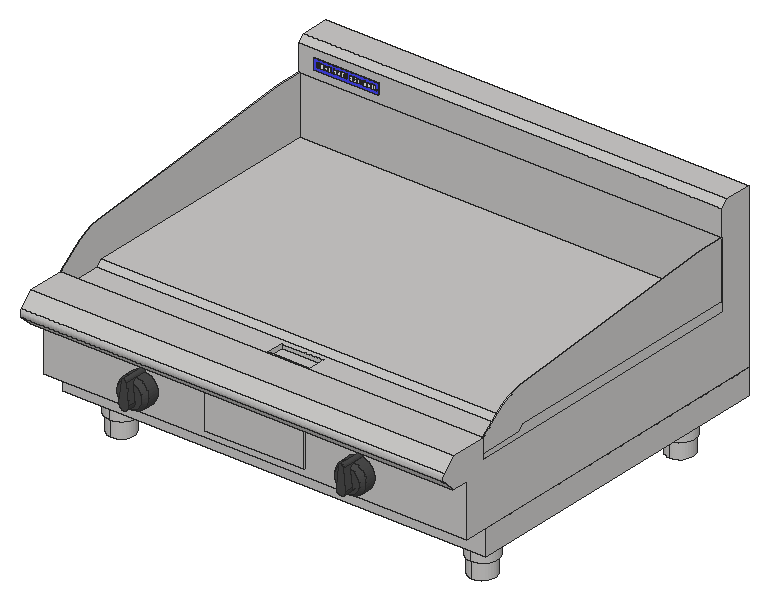
Revit family "QF_MOFFAT_BLUESEAL_CE_EP516-B", category Specialty Equipment, Revit 2012
Parameters
  Width [instance] = 900 mm  # constant formula
  Weight in Pounds = 275  # constant formula
  Watts = 12000 W
  Volts = 400 V
  URL Cutsheet = "www.moffat.com"
  URL = "www.moffat.com"
  Type Mark [instance] = ""
  Status [instance] = ""
  Specification by User [instance] = ""
  Specification by Manufacturer = ""
  Show Logo [instance] = yes
  Serial Number = ""
  Seismic Rating = ""
  SMACNA No = ""
  Revision Code [instance] = ""
  Phase = 3
  Omniclass Number and Title = ""
  Number of Poles = 1
  NAFEM Spec ID Number = ""
  Model = "EP516-B"
  Min Ckt Ampacity = 0 A
  Max Overcurrent Protection = 0 A
  Masterspec = ""
  Manufacturer = "MOFFAT BLUESEAL"
  Item Number [instance] = ""
  Installed By [instance] = ""
  Identify Quantity as Lot [instance] = yes
  Height [instance] = 370 mm  # constant formula
  HP = ""
  Furnished By [instance] = ""
  Foodservice Equipment Identifier [instance] = yes
  FL Amps = 30 A
  Electrical Remarks [instance] = "16.6A PER PHASE"
  Elec Conn RI Height = 0 mm
  Elec Conn Connection Height = 0 mm
  Description = "900MM ELECTRIC GRIDDLE PLATE BENCH MOUNT"
  Depth [instance] = 812 mm  # constant formula
  Cycle = 50 Hz
  Conn Plug = ""
  Conn Conduit = yes
  CSI MasterFormat = ""
  CSI Master Format = ""
  Base Height [instance] = 85 mm
  Apparent Power = if(Phase = 3, Volts * FL Amps * 1.73, Volts * FL Amps)  # 20760 VA
Reference planes
  plane 1 "BACK": y = 0
  plane 2: z = 0
  plane 3 "LEFT": x = 0
  plane 4 "RIGHT": x = 900
  plane 5 "FRONT": y = -812
  plane 6 "TOP": z = 375
  plane 7 "Center Y": x = 450
  plane 8 "Center X": y = -406
  plane 9 "Base Height": z = 85
  plane 10: z = 485
  plane 11: y = -100
  plane 12: y = -625
Forms (mm)
  Extrusion 1, solid, material "QF_Finishes_Stainless Steel"
    sketch origin (0, 0, 0) x (0, 1, 0) y (0, 0, 1)
      loop
        line (0, 140) -> (0, 485) -> (-57.5, 485) -> (-70, 472.5) -> (-70, 275) -> (-705, 275) -> (-705, 315) -> (-783.97, 315) -> (-808.485, 290.485)
        arc (-808.485, 290.485) -> (-811.999, 282) -> (-808.485, 273.515) r 12
        line (-808.485, 273.515) -> (-784.97, 250) -> (-749, 250) -> (-749, 140) -> (0, 140)
      loop
        line (0, 85) -> (0, 139) -> (-699, 139) -> (-699, 85) -> (0, 85)
    from 0 to 900
  Revolve 2, solid, material "QF_Finishes_Stainless Steel"
    sketch origin (65.5, -210, 0) x (0, 1, 0) y (0, 0, 1)
      loop
        line (78.25, 85) -> (78.25, 35) -> (82.5, 35) -> (82.5, 0) -> (110, 0) -> (110, 85) -> (78.25, 85)
      axis (110, 85) -> (110, 0)
    angle from 0 to 360
  Extrusion 3, void
    sketch origin (0, -706, 134.206) x (0, 1, 0) y (-1, 0, 0)
      loop
        circle (674, -770) r 13.5
    from 0 to -86.704
  Revolve 4, solid, material "QF_Finishes_Black"
    sketch origin (217.606, 7, -7.199) x (0, 1, 0) y (0, 0, -1)
      loop
        line (-789, -234.5) -> (-766, -234.5) -> (-766, -207) -> (-756, -207) -> (-756, -202) -> (-800, -202) -> (-800, -228.651) -> (-789, -234.5)
      axis (-800, -202) -> (-756, -202)
    angle from 0 to 360
  Extrusion 5, solid, material "QF_Finishes_Black"
    sketch origin (205.878, 0, -7.042) x (-1, 0, 0) y (0, 0, -1)
      loop
        line (-22.044, -191.036) -> (-16.624, -233.955)
        arc (-16.624, -233.955) -> (-11.625, -238.842) -> (-6.626, -233.955) r 5
        line (-6.626, -233.955) -> (-1.137, -189.869)
        arc (-1.137, -189.869) -> (-12.209, -179.37) -> (-22.044, -191.036) r 10.487
    from 759 to 808
  Revolve 6, solid, material "QF_Finishes_Stainless Steel"
    sketch origin (65.5, -728, 0) x (0, 1, 0) y (0, 0, 1)
      loop
        line (71.25, 85) -> (71.25, 35) -> (75.5, 35) -> (75.5, 0) -> (103, 0) -> (103, 85) -> (71.25, 85)
      axis (103, 85) -> (103, 0)
    angle from 0 to 360
  Extrusion 7, solid, material "QF_Finishes_Stainless Steel"
    sketch origin (0, -749, 266) x (0, 0, -1) y (1, 0, 0)
      loop
        line (25.201, 345) -> (112.1, 345) -> (112.1, 555) -> (25.201, 555) -> (25.201, 345)
    from 0 to 2.5
  Extrusion 8, solid, material "QF_Finishes_Stainless Steel"
    sketch origin (0, -751.5, 266) x (0, 0, -1) y (1, 0, 0)
      loop
        line (32.201, 555) -> (25.201, 555) -> (25.201, 345) -> (32.201, 345) -> (32.201, 555)
    from 0 to 5
  Extrusion 9, solid, material "QF_Finishes_Stainless Steel"
    sketch origin (0, -706, 134.206) x (0, 1, 0) y (-1, 0, 0)
      loop
        circle (673.862, -769.75) r 6.35
    from 0 to -24.206
  Revolve 10, solid, material "QF_Finishes_Black"
    sketch origin (680.116, 7, -7.2) x (0, 1, 0) y (0, 0, -1)
      loop
        line (-789, -234.5) -> (-766, -234.5) -> (-766, -207) -> (-756, -207) -> (-756, -202) -> (-800, -202) -> (-800, -228.651) -> (-789, -234.5)
      axis (-800, -202) -> (-756, -202)
    angle from 0 to 360
  Extrusion 11, solid, material "QF_Finishes_Black"
    sketch origin (668.389, 0, -7.042) x (-1, 0, 0) y (0, 0, -1)
      loop
        line (-22.044, -191.036) -> (-16.624, -233.955)
        arc (-16.624, -233.955) -> (-11.625, -238.842) -> (-6.626, -233.955) r 5
        line (-6.626, -233.955) -> (-1.137, -189.869)
        arc (-1.137, -189.869) -> (-12.209, -179.37) -> (-22.044, -191.036) r 10.487
    from 759 to 808
  Revolve 12, solid, material "QF_Finishes_Stainless Steel"
    sketch origin (834.5, -210, 0) x (0, 1, 0) y (0, 0, -1)
      loop
        line (78.25, -85) -> (110, -85) -> (110, 0) -> (82.5, 0) -> (82.5, -35) -> (78.25, -35) -> (78.25, -85)
      axis (110, -85) -> (110, 0)
    angle from 0 to 360
  Revolve 13, solid, material "QF_Finishes_Stainless Steel"
    sketch origin (834.5, -728, 0) x (0, 1, 0) y (0, 0, -1)
      loop
        line (71.25, -85) -> (103, -85) -> (103, 0) -> (75.5, 0) -> (75.5, -35) -> (71.25, -35) -> (71.25, -85)
      axis (103, -85) -> (103, 0)
    angle from 0 to 360
Cuts and joins
  joined: Revolve 4, Extrusion 5
  joined: Extrusion 7, Extrusion 8
  Extrusion 3 cuts Extrusion 1
Lines and regions (mm)
  Split face 1
    outline origin (900, -749, 250) x (-1, 0, 0) y (0, 0, -1)
      loop
        circle (637.495, 45.2) r 7.15
  Split face 2
    outline origin (900, -749, 250) x (-1, 0, 0) y (0, 0, -1)
      loop
        circle (637.495, 25.2) r 7.15
  Split face 3
    outline origin (495, -751.5, 153.9) x (1, 0, 0) y (0, 0, 1)
      loop
        arc (-52, 77) -> (-56, 73) -> (-52, 69) r 4
        line (-52, 69) -> (-38, 69)
        arc (-38, 69) -> (-34, 73) -> (-38, 77) r 4
        line (-38, 77) -> (-52, 77)
  Split face 4
    outline origin (900, 0, 485) x (-1, 0, 0) y (0, -1, 0)
      loop
        arc (624, 45.385) -> (615.34, 40.385) -> (615.34, 30.385) r 10
        line (615.34, 30.385) -> (619.381, 23.385)
        arc (619.381, 23.385) -> (623.041, 19.725) -> (628.041, 18.385) r 10
        line (628.041, 18.385) -> (856, 18.385)
        arc (856, 18.385) -> (864.66, 23.385) -> (864.66, 33.385) r 10
        line (864.66, 33.385) -> (860.619, 40.385)
        arc (860.619, 40.385) -> (856.959, 44.045) -> (851.959, 45.385) r 10
        line (851.959, 45.385) -> (624, 45.385)
  Split face 5
    outline origin (900, 0, 485) x (-1, 0, 0) y (0, -1, 0)
      loop
        arc (266, 18.385) -> (274.66, 23.385) -> (274.66, 33.385) r 10
        line (274.66, 33.385) -> (270.619, 40.385)
        arc (270.619, 40.385) -> (266.959, 44.045) -> (261.959, 45.385) r 10
        line (261.959, 45.385) -> (34, 45.385)
        arc (34, 45.385) -> (25.34, 40.385) -> (25.34, 30.385) r 10
        line (25.34, 30.385) -> (29.381, 23.385)
        arc (29.381, 23.385) -> (33.041, 19.725) -> (38.041, 18.385) r 10
        line (38.041, 18.385) -> (266, 18.385)
  Split face 6
    outline origin (900, -749, 250) x (-1, 0, 0) y (0, 0, -1)
      loop
        circle (174.879, 45.2) r 7.15
  Split face 7
    outline origin (900, -749, 250) x (-1, 0, 0) y (0, 0, -1)
      loop
        circle (174.879, 25.2) r 7.15
  Split face 8
    outline origin (900, 0, 485) x (-1, 0, 0) y (0, -1, 0)
      loop
        line (336.021, 18.385) -> (563.979, 18.385)
        arc (563.979, 18.385) -> (572.64, 23.385) -> (572.64, 33.385) r 10
        line (572.64, 33.385) -> (568.598, 40.385)
        arc (568.598, 40.385) -> (564.938, 44.045) -> (559.938, 45.385) r 10
        line (559.938, 45.385) -> (331.979, 45.385)
        arc (331.979, 45.385) -> (323.319, 40.385) -> (323.319, 30.385) r 10
        line (323.319, 30.385) -> (327.36, 23.385)
        arc (327.36, 23.385) -> (331.021, 19.725) -> (336.021, 18.385) r 10
  symbolic lines
    curve 1: line (0, -812, 0) -> (900, -812, 0)
    curve 2: line (0, 0, 0) -> (0, -812, 0)
    curve 3: line (900, 0, 0) -> (0, 0, 0)
    curve 4: line (0, -70, 0) -> (900, -70, 0)
    curve 5: line (900, -712, 0) -> (0, -712, 0)
    curve 6: line (900, -812, 0) -> (900, 0, 0)
    curve 7: line (0, -57.5, 0) -> (900, -57.5, 0)
    curve 8: line (276, -45.385, 0) -> (48.041, -45.385, 0)
    curve 9: arc (48.041, -45.385, 0) -> (43.041, -44.045, 0) -> (39.381, -40.385, 0) r 10
    curve 10: line (39.381, -40.385, 0) -> (35.34, -33.385, 0)
    curve 11: arc (35.34, -33.385, 0) -> (35.34, -23.385, 0) -> (44, -18.385, 0) r 10
    curve 12: line (44, -18.385, 0) -> (271.959, -18.385, 0)
    curve 13: arc (271.959, -18.385, 0) -> (276.959, -19.725, 0) -> (280.619, -23.385, 0) r 10
    curve 14: line (280.619, -23.385, 0) -> (284.66, -30.385, 0)
    curve 15: arc (284.66, -30.385, 0) -> (284.66, -40.385, 0) -> (276, -45.385, 0) r 10
    curve 16: line (568.021, -45.385, 0) -> (340.062, -45.385, 0)
    curve 17: arc (340.062, -45.385, 0) -> (335.062, -44.045, 0) -> (331.402, -40.385, 0) r 10
    curve 18: line (331.402, -40.385, 0) -> (327.36, -33.385, 0)
    curve 19: arc (327.36, -33.385, 0) -> (327.36, -23.385, 0) -> (336.021, -18.385, 0) r 10
    curve 20: line (336.021, -18.385, 0) -> (563.979, -18.385, 0)
    curve 21: arc (563.979, -18.385, 0) -> (568.979, -19.725, 0) -> (572.64, -23.385, 0) r 10
    curve 22: line (572.64, -23.385, 0) -> (576.681, -30.385, 0)
    curve 23: arc (576.681, -30.385, 0) -> (576.681, -40.385, 0) -> (568.021, -45.385, 0) r 10
    curve 24: line (866, -45.385, 0) -> (638.041, -45.385, 0)
    curve 25: arc (638.041, -45.385, 0) -> (633.041, -44.045, 0) -> (629.381, -40.385, 0) r 10
    curve 26: line (629.381, -40.385, 0) -> (625.34, -33.385, 0)
    curve 27: arc (625.34, -33.385, 0) -> (625.34, -23.385, 0) -> (634, -18.385, 0) r 10
    curve 28: line (634, -18.385, 0) -> (861.959, -18.385, 0)
    curve 29: arc (861.959, -18.385, 0) -> (866.959, -19.725, 0) -> (870.619, -23.385, 0) r 10
    curve 30: line (870.619, -23.385, 0) -> (874.66, -30.385, 0)
    curve 31: arc (874.66, -30.385, 0) -> (874.66, -40.385, 0) -> (866, -45.385, 0) r 10
    curve 32: line (0, -783.97, 0) -> (900, -783.97, 0)
Dimensions and locks
  equal spacing: plane 3 "LEFT", plane 7 "Center Y", plane 4 "RIGHT"
  "Width": plane 3 "LEFT" to plane 4 "RIGHT"
  equal spacing: plane 5 "FRONT", plane 8 "Center X", plane 1 "BACK"
  "Depth": plane 5 "FRONT" to plane 1 "BACK"
  "Base Height": plane 9 "Base Height" to level
  locked: plane 6 "TOP" to plane 9 "Base Height" at 290
  plane 6 "TOP" to level = 375 mm
  plane 10 to plane 2 = 485 mm  (x2)
  aligned and locked: level to plane 2
  aligned and locked: Revolve 2 sketch curve to plane 9 "Base Height"
Automatic sketch dimensions
  curve 1 to plane 3 "LEFT" = 0 mm
  curve 5 to plane 4 "RIGHT" = 0 mm
  plane 5 "FRONT" to curve 1 = 0 mm
  plane 1 "BACK" to curve 6 = 0 mm
  curve 5 to plane 12 = 87 mm
  plane 11 to curve 4 = 30 mm
  curve 4 to curve 7 = 12.5 mm
  Extrusion 1 sketch curve to plane 9 "Base Height" = 0 mm
  Extrusion 1 sketch curve to plane 10 = 0 mm
  Extrusion 1 sketch curve to plane 1 "BACK" = 0 mm  (x2)
  plane 11 to Extrusion 1 sketch curve = 42.5 mm
  Extrusion 1 sketch curve to Extrusion 1 sketch curve = 12.5 mm
  Extrusion 1 sketch curve to plane 12 = 74 mm
  Extrusion 1 sketch curve to plane 12 = 80 mm
  Extrusion 1 sketch curve to Extrusion 1 sketch curve = 50 mm
  Extrusion 1 sketch curve to plane 5 "FRONT" = 28.03 mm
  Extrusion 1 sketch curve to plane 5 "FRONT" = 27.03 mm
  Extrusion 1 sketch curve to plane 5 "FRONT" = 12.001 mm
  Extrusion 1 sketch curve to plane 5 "FRONT" = 3.515 mm  (x2)
  plane 9 "Base Height" to Extrusion 1 sketch curve = 54 mm
  Extrusion 1 sketch curve to Extrusion 1 sketch curve = 1 mm
  Extrusion 1 sketch curve to Extrusion 1 sketch curve = 110 mm
  Extrusion 1 sketch curve to Extrusion 1 sketch curve = 23.515 mm
  Extrusion 1 sketch curve to plane 6 "TOP" = 100 mm
  Extrusion 1 sketch curve to Extrusion 1 sketch curve = 8.485 mm
  Extrusion 1 sketch curve to Extrusion 1 sketch curve = 40 mm
  Extrusion 1 sketch curve to plane 10 = 12.5 mm
  Revolve 2 sketch curve to level = 0 mm
  Revolve 2 sketch curve to plane 11 = 0 mm  (x2)
  Revolve 2 sketch curve to Revolve 2 sketch curve = 27.5 mm
  Revolve 2 sketch curve to Revolve 2 sketch curve = 31.75 mm
  Revolve 2 sketch curve to Revolve 2 sketch curve = 55 mm
  level to Revolve 2 sketch curve = 35 mm
  Revolve 2 sketch curve to plane 9 "Base Height" = 30 mm
  plane 1 "BACK" to Extrusion 3 sketch curve = 32 mm
  plane 4 "RIGHT" to Extrusion 3 sketch curve = 130 mm
  Revolve 4 sketch curve to plane 5 "FRONT" = 19 mm
  Revolve 4 sketch curve to Revolve 4 sketch curve = 0 mm  (x2)
  Revolve 4 sketch curve to Revolve 4 sketch curve = 11 mm
  Revolve 4 sketch curve to Revolve 4 sketch curve = 12.7 mm
  Revolve 4 sketch curve to Revolve 4 sketch curve = 23 mm
  Revolve 4 sketch curve to Revolve 4 sketch curve = 10 mm
  plane 9 "Base Height" to Revolve 4 sketch curve = 142.301 mm
  Revolve 4 sketch curve to Revolve 4 sketch curve = 5.849 mm
  Revolve 4 sketch curve to Revolve 4 sketch curve = 27.5 mm
  Revolve 4 sketch curve to Revolve 4 sketch curve = 5 mm
  plane 9 "Base Height" to Extrusion 5 sketch curve = 98.995 mm
  Extrusion 5 sketch curve to plane 7 "Center Y" = 222.078 mm
  Extrusion 5 sketch curve to Extrusion 5 sketch curve = 5.421 mm
  Extrusion 5 sketch curve to Extrusion 5 sketch curve = 10.419 mm
  Extrusion 5 sketch curve to Extrusion 5 sketch curve = 4.999 mm  (x2)
  plane 9 "Base Height" to Extrusion 5 sketch curve = 141.913 mm
  Extrusion 5 sketch curve to Extrusion 5 sketch curve = 10.487 mm
  Extrusion 5 sketch curve to Extrusion 5 sketch curve = 0.113 mm
  Extrusion 5 sketch curve to Extrusion 5 sketch curve = 1.167 mm
  Revolve 6 sketch curve to plane 9 "Base Height" = 0 mm
  Revolve 6 sketch curve to level = 0 mm
  Revolve 6 sketch curve to plane 12 = 0 mm  (x2)
  Revolve 6 sketch curve to Revolve 6 sketch curve = 27.5 mm
  Revolve 6 sketch curve to Revolve 6 sketch curve = 31.75 mm
  Revolve 6 sketch curve to Revolve 6 sketch curve = 55 mm
  level to Revolve 6 sketch curve = 35 mm
  Revolve 6 sketch curve to Revolve 6 sketch curve = 30 mm
  Extrusion 7 sketch curve to plane 6 "TOP" = 134.201 mm
  plane 9 "Base Height" to Extrusion 7 sketch curve = 68.9 mm
  Extrusion 7 sketch curve to plane 7 "Center Y" = 105 mm
  plane 7 "Center Y" to Extrusion 7 sketch curve = 105 mm
  Extrusion 8 sketch curve to Extrusion 7 = 0 mm  (x2)
  Extrusion 7 to Extrusion 8 sketch curve = 0 mm
  Extrusion 8 sketch curve to Extrusion 8 sketch curve = 7 mm
  plane 1 "BACK" to Extrusion 9 sketch curve = 32.138 mm
  plane 4 "RIGHT" to Extrusion 9 sketch curve = 130.25 mm
  cut or joined group of Extrusion 1, Extrusion 3 to Split face 1 sketch curve = 45.2 mm
  Split face 1 sketch curve to cut or joined group of Extrusion 1, Extrusion 3 = 262.505 mm
  cut or joined group of Extrusion 1, Extrusion 3 to Split face 2 sketch curve = 25.2 mm
  Split face 2 sketch curve to cut or joined group of Extrusion 1, Extrusion 3 = 262.505 mm
  cut or joined group of Extrusion 7, Extrusion 8 to Split face 3 sketch curve = 6.899 mm
  Split face 3 sketch curve to cut or joined group of Extrusion 7, Extrusion 8 = 98 mm
  Split face 3 sketch curve to Split face 3 sketch curve = 14 mm
  Split face 3 sketch curve to Split face 3 sketch curve = 4 mm
  Split face 4 sketch curve to cut or joined group of Extrusion 1, Extrusion 3 = 27.115 mm
  Split face 4 sketch curve to cut or joined group of Extrusion 1, Extrusion 3 = 284.66 mm
  Split face 4 sketch curve to cut or joined group of Extrusion 1, Extrusion 3 = 23.385 mm
  Split face 4 sketch curve to Split face 4 sketch curve = 4.041 mm  (x4)
  Split face 4 sketch curve to Split face 4 sketch curve = 8.66 mm  (x2)
  Split face 4 sketch curve to cut or joined group of Extrusion 1, Extrusion 3 = 22.115 mm
  Split face 4 sketch curve to cut or joined group of Extrusion 1, Extrusion 3 = 48.041 mm
  Split face 4 sketch curve to cut or joined group of Extrusion 1, Extrusion 3 = 17.115 mm
  Split face 4 sketch curve to Split face 4 sketch curve = 17 mm
  Split face 4 sketch curve to Split face 4 sketch curve = 7 mm
  Split face 5 sketch curve to cut or joined group of Extrusion 1, Extrusion 3 = 25.34 mm
  Split face 5 sketch curve to Split face 5 sketch curve = 4.041 mm  (x4)
  Split face 5 sketch curve to Split face 5 sketch curve = 8.66 mm  (x2)
  Split face 5 sketch curve to cut or joined group of Extrusion 1, Extrusion 3 = 12.115 mm
  Split face 5 sketch curve to Split face 5 sketch curve = 223.917 mm
  Split face 5 sketch curve to Split face 5 sketch curve = 5 mm
  Split face 5 sketch curve to Split face 5 sketch curve = 10 mm
  Split face 5 sketch curve to Split face 5 sketch curve = 7 mm  (x3)
  Revolve 10 sketch curve to plane 5 "FRONT" = 19 mm
  Revolve 10 sketch curve to Revolve 10 sketch curve = 0 mm  (x2)
  Revolve 10 sketch curve to Revolve 10 sketch curve = 11 mm
  Revolve 10 sketch curve to Revolve 10 sketch curve = 12.7 mm
  Revolve 10 sketch curve to Revolve 10 sketch curve = 23 mm
  Revolve 10 sketch curve to Revolve 10 sketch curve = 10 mm
  plane 9 "Base Height" to Revolve 10 sketch curve = 142.3 mm
  Revolve 10 sketch curve to Revolve 10 sketch curve = 5.849 mm
  Revolve 10 sketch curve to Revolve 10 sketch curve = 27.5 mm
  Revolve 10 sketch curve to Revolve 10 sketch curve = 5 mm
  plane 9 "Base Height" to Extrusion 11 sketch curve = 98.994 mm
  plane 4 "RIGHT" to Extrusion 11 sketch curve = 209.567 mm
  Extrusion 11 sketch curve to Extrusion 11 sketch curve = 5.421 mm
  Extrusion 11 sketch curve to Extrusion 11 sketch curve = 10.419 mm
  Extrusion 11 sketch curve to Extrusion 11 sketch curve = 4.999 mm  (x2)
  plane 9 "Base Height" to Extrusion 11 sketch curve = 141.913 mm
  Extrusion 11 sketch curve to Extrusion 11 sketch curve = 10.487 mm
  Extrusion 11 sketch curve to Extrusion 11 sketch curve = 0.113 mm
  Extrusion 11 sketch curve to Extrusion 11 sketch curve = 1.167 mm
  cut or joined group of Extrusion 1, Extrusion 3 to Split face 6 sketch curve = 45.2 mm
  Split face 6 sketch curve to cut or joined group of Extrusion 1, Extrusion 3 = 174.879 mm
  cut or joined group of Extrusion 1, Extrusion 3 to Split face 7 sketch curve = 25.2 mm
  Split face 7 sketch curve to cut or joined group of Extrusion 1, Extrusion 3 = 174.879 mm
  Revolve 12 sketch curve to plane 9 "Base Height" = 0 mm
  Revolve 12 sketch curve to level = 0 mm
  Revolve 12 sketch curve to plane 11 = 0 mm  (x2)
  Revolve 12 sketch curve to Revolve 12 sketch curve = 27.5 mm
  Revolve 12 sketch curve to Revolve 12 sketch curve = 31.75 mm
  Revolve 12 sketch curve to plane 9 "Base Height" = 30 mm
  Revolve 12 sketch curve to Revolve 12 sketch curve = 20 mm
  Revolve 12 sketch curve to level = 55 mm
  Revolve 13 sketch curve to plane 9 "Base Height" = 0 mm
  Revolve 13 sketch curve to level = 0 mm
  Revolve 13 sketch curve to plane 12 = 0 mm  (x2)
  Revolve 13 sketch curve to Revolve 13 sketch curve = 27.5 mm
  Revolve 13 sketch curve to Revolve 13 sketch curve = 31.75 mm
  Revolve 13 sketch curve to Revolve 13 sketch curve = 30 mm
  Revolve 13 sketch curve to Revolve 13 sketch curve = 20 mm
  Revolve 13 sketch curve to level = 55 mm
  Split face 8 sketch curve to cut or joined group of Extrusion 1, Extrusion 3 = 27.115 mm
  Split face 8 sketch curve to cut or joined group of Extrusion 1, Extrusion 3 = 576.681 mm
  Split face 8 sketch curve to cut or joined group of Extrusion 1, Extrusion 3 = 23.385 mm
  Split face 8 sketch curve to Split face 8 sketch curve = 4.041 mm  (x3)
  Split face 8 sketch curve to Split face 8 sketch curve = 8.66 mm  (x3)
  Split face 8 sketch curve to cut or joined group of Extrusion 1, Extrusion 3 = 12.115 mm
  Split face 8 sketch curve to cut or joined group of Extrusion 1, Extrusion 3 = 340.062 mm
  Split face 8 sketch curve to cut or joined group of Extrusion 1, Extrusion 3 = 18.385 mm
  Split face 8 sketch curve to Split face 8 sketch curve = 10 mm
  Split face 8 sketch curve to Split face 8 sketch curve = 7 mm
  plane 3 "LEFT" to curve 10 = 35.34 mm
  curve 10 to curve 10 = 4.041 mm
  curve 11 to curve 12 = 8.66 mm
  curve 9 to curve 9 = 8.66 mm
  plane 1 "BACK" to curve 13 = 28.385 mm
  curve 13 to plane 7 "Center Y" = 178.041 mm
  curve 13 to curve 15 = 4.041 mm
  plane 1 "BACK" to curve 14 = 23.385 mm
  curve 13 to curve 14 = 8.66 mm
  plane 1 "BACK" to curve 14 = 30.385 mm
  curve 13 to curve 14 = 4.041 mm
  curve 9 to curve 12 = 27 mm
  curve 8 to curve 10 = 5 mm
  curve 9 to curve 10 = 7 mm
  plane 1 "BACK" to curve 18 = 33.385 mm
  curve 14 to curve 18 = 42.7 mm
  plane 1 "BACK" to curve 18 = 40.385 mm
  curve 18 to curve 18 = 4.041 mm
  curve 19 to curve 19 = 8.66 mm
  curve 17 to curve 17 = 8.66 mm
  plane 1 "BACK" to curve 21 = 28.385 mm
  plane 7 "Center Y" to curve 21 = 113.979 mm
  curve 21 to curve 23 = 4.041 mm
  plane 1 "BACK" to curve 22 = 23.385 mm
  curve 21 to curve 22 = 8.66 mm
  plane 1 "BACK" to curve 22 = 30.385 mm
  curve 22 to curve 22 = 4.041 mm
  curve 17 to curve 17 = 5 mm
  plane 1 "BACK" to curve 27 = 33.385 mm
  curve 22 to curve 27 = 48.659 mm
  plane 1 "BACK" to curve 26 = 40.385 mm
  curve 27 to curve 26 = 4.041 mm
  curve 26 to curve 27 = 8.66 mm
  curve 25 to curve 25 = 8.66 mm
  plane 4 "RIGHT" to curve 29 = 38.041 mm
  curve 29 to curve 31 = 4.041 mm
  curve 28 to curve 30 = 8.66 mm
  curve 29 to curve 30 = 4.041 mm
  curve 25 to curve 25 = 5 mm
  curve 24 to curve 31 = 10 mm
  curve 25 to curve 27 = 7 mm
  curve 31 to curve 29 = 7 mm
  curve 32 to plane 5 "FRONT" = 28.03 mm
  radius of Extrusion 3 sketch curve = 13.5 mm
  radius of Extrusion 9 sketch curve = 6.35 mm
  radius of Split face 1 sketch curve = 7.15 mm
  radius of Split face 2 sketch curve = 7.15 mm
  radius of Split face 6 sketch curve = 7.15 mm
  radius of Split face 7 sketch curve = 7.15 mm
Nested families
  nested 1: "ELECTRIC GRIDDLE PLATE" at (0, -70, 274.5), type "ELECTRIC GRIDDLE PLATE"
    with Type Mark "", Status "", Specification by User "", Revision Code "", Item Number "", Installed By "", Identify Quantity as Lot yes, Furnished By "", Foodservice Equipment Identifier yes
  nested 2: "WALDORF LOGO_FACE BASE" at (32, -70, 456.885) x (1, 0, 0) z (0, -1, 0), visible <- "Show Logo", type "WALDORF LOGO_FACE BASE", detail levels medium+fine
    with Show Logo yes
Connectors
  electrical at (769.75, -32.138, 110), driven by "Volts", driven by "Watts"
    settings: on Extrusion 9, index 1, voltage 400 V, apparent load 12000 VA, apparent load phase1 0 VA, apparent load phase2 0 VA, apparent load phase3 0 VA, power factor 1, load classification "Other", number of poles 1, system type 30, power factor state 1, is connector primary yes, connector utility no, sub classification motor no, connector description "ELECTRICAL CONNECTION"
Definition of nested family "ELECTRIC GRIDDLE PLATE"
  Parameters (values of type "ELECTRIC GRIDDLE PLATE")
    Weight in Pounds = 0
    URL Cutsheet = ""
    Type Mark [instance] = ""
    Status [instance] = ""
    Specification by User [instance] = ""
    Specification by Manufacturer = ""
    Serial Number = ""
    Seismic Rating = ""
    SMACNA No = ""
    Revision Code [instance] = ""
    Omniclass Number and Title = ""
    NAFEM Spec ID Number = ""
    Masterspec = ""
    Item Number [instance] = ""
    Installed By [instance] = ""
    Identify Quantity as Lot [instance] = yes
    Furnished By [instance] = ""
    Foodservice Equipment Identifier [instance] = yes
    CSI MasterFormat = ""
    CSI Master Format = ""
  Reference planes
    plane 1 "BACK": y = 0
    plane 2: z = 0
    plane 3 "LEFT": x = 0
    plane 4 "RIGHT": x = 900
    plane 5 "FRONT": y = -635
    plane 6 "TOP": z = 142.5
    plane 7 "Center Y": x = 450
    plane 8 "Center X": y = -317.5
  Forms (mm)
    Extrusion 1, solid, material "QF_Finishes_Stainless Steel"
      sketch origin (0, 70.003, -874.5) x (0, 1, 0) y (0, 0, 1)
        loop
          line (-70, 875) -> (-70, 1017) -> (-127.048, 1017) -> (-605.133, 971.023)
          arc (-605.133, 971.023) -> (-630.16, 965.303) -> (-652.906, 953.399) r 100
          line (-652.906, 953.399) -> (-705.003, 916.5) -> (-705.003, 875) -> (-70, 875)
      from 0 to 1.8
    Extrusion 2, solid, material "QF_Finishes_Stainless Steel"
      sketch origin (900, 0, 0) x (0, -1, 0) y (0, 0, 1)
        loop
          line (57.045, 142.5) -> (-0.003, 142.5) -> (-0.003, 0.5) -> (635, 0.5) -> (635, 42) -> (582.903, 78.899)
          arc (582.903, 78.899) -> (560.157, 90.803) -> (535.13, 96.523) r 100
          line (535.13, 96.523) -> (57.045, 142.5)
      from 0 to 1.8
    Extrusion 3, solid, material "QF_Finishes_Stainless Steel"
      sketch origin (150, 70.003, -874.5) x (0, 1, 0) y (0, 0, 1)
        loop
          line (-70, 895) -> (-601, 895) -> (-611.5, 884.5) -> (-704.403, 884.5) -> (-704.403, 875) -> (-70, 875) -> (-70, 895)
      from -148.2 to 750
    Extrusion 4, void
      sketch origin (150, -541.497, 10) x (0, -1, 0) y (1, 0, 0)
        loop
          line (10.6, 344.25) -> (10.6, 255.75) -> (49.1, 255.75) -> (49.1, 344.25) -> (10.6, 344.25)
      from -41.4 to 40.142
    Extrusion 5, solid, material "QF_Finishes_Stainless Steel"
      sketch origin (150, 0.003, 211.574) x (0, 0, -1) y (1, 0, 0)
        loop
          line (69.074, -148.2) -> (191.074, -148.2) -> (191.074, 750) -> (69.074, 750) -> (69.074, -148.2)
      from 0 to 1.683
  Cuts and joins
    Extrusion 4 cuts Extrusion 3
  Lines and regions (mm)
    symbolic lines
      curve 1: line (900, -530.997, 0) -> (0, -530.997, 0)
      curve 2: line (0, -541.497, 0) -> (900, -541.497, 0)
      curve 3: line (405.75, -552.097, 0) -> (405.75, -590.597, 0)
      curve 4: line (405.75, -590.597, 0) -> (494.25, -590.597, 0)
      curve 5: line (494.25, -590.597, 0) -> (494.25, -552.097, 0)
      curve 6: line (494.25, -552.097, 0) -> (405.75, -552.097, 0)
      curve 7: line (0, 0, 0) -> (900, 0, 0)
      curve 8: line (0, -635, 0) -> (0, 0, 0)
      curve 9: line (0, -635, 0) -> (900, -635, 0)
      curve 10: line (900, -635, 0) -> (900, 0, 0)
  Dimensions and locks
    equal spacing: plane 3 "LEFT", plane 7 "Center Y", plane 4 "RIGHT"
    plane 3 "LEFT" to plane 4 "RIGHT" = 900 mm
    equal spacing: plane 5 "FRONT", plane 8 "Center X", plane 1 "BACK"
    plane 5 "FRONT" to plane 1 "BACK" = 635 mm
    aligned and locked: level to plane 2
    aligned and locked: cut or joined group of Extrusion 3, Extrusion 4 to plane 4 "RIGHT"
    aligned and locked: Extrusion 5 to plane 4 "RIGHT"
  Automatic sketch dimensions
    plane 3 "LEFT" to curve 9 = 0 mm
    curve 4 to plane 7 "Center Y" = 44.25 mm
    plane 7 "Center Y" to curve 5 = 44.25 mm
    curve 3 to plane 5 "FRONT" = 44.403 mm
    curve 3 to curve 3 = 38.5 mm
    curve 2 to plane 5 "FRONT" = 93.503 mm
    curve 2 to curve 1 = 10.5 mm
    plane 1 "BACK" to curve 8 = 0 mm
    Extrusion 1 sketch curve to plane 5 "FRONT" = 0 mm
    Extrusion 1 sketch curve to plane 6 "TOP" = 0 mm
    Extrusion 1 sketch curve to plane 5 "FRONT" = 52.097 mm
    Extrusion 1 sketch curve to plane 6 "TOP" = 45.977 mm
    Extrusion 1 sketch curve to Extrusion 1 sketch curve = 47.773 mm
    Extrusion 1 sketch curve to level = 3.016 mm
    Extrusion 1 sketch curve to Extrusion 1 sketch curve = 9.585 mm
    plane 1 "BACK" to Extrusion 1 sketch curve = 57.045 mm
    Extrusion 1 sketch curve to plane 1 "BACK" = 0.003 mm
    level to Extrusion 1 sketch curve = 0.5 mm
    Extrusion 1 sketch curve to Extrusion 1 sketch curve = 41.5 mm
    Extrusion 3 sketch curve to plane 5 "FRONT" = 0.6 mm
    level to Extrusion 3 sketch curve = 10 mm
    Extrusion 3 sketch curve to Extrusion 3 sketch curve = 92.903 mm
    Extrusion 3 sketch curve to Extrusion 3 sketch curve = 10.5 mm  (x2)
    Extrusion 3 sketch curve to plane 1 "BACK" = 0.003 mm
    level to Extrusion 3 sketch curve = 0.5 mm
    Extrusion 3 to Extrusion 4 sketch curve = 10.6 mm
    Extrusion 4 sketch curve to Extrusion 4 sketch curve = 38.5 mm
    Extrusion 3 to Extrusion 4 sketch curve = 494.25 mm
    Extrusion 4 sketch curve to Extrusion 4 sketch curve = 88.5 mm
    Extrusion 5 sketch curve to plane 6 "TOP" = 0 mm
    level to Extrusion 5 sketch curve = 20.5 mm
    plane 3 "LEFT" to Extrusion 5 sketch curve = 1.8 mm
    plane 7 "Center Y" to Extrusion 5 sketch curve = 450 mm
    plane 5 "FRONT" to curve 9 = 0 mm
    Extrusion 2 sketch curve to plane 6 "TOP" = 0 mm
    Extrusion 2 sketch curve to plane 5 "FRONT" = 0 mm
    Extrusion 2 sketch curve to plane 5 "FRONT" = 52.097 mm
    Extrusion 2 sketch curve to Extrusion 2 sketch curve = 47.773 mm
    Extrusion 2 sketch curve to level = 3.016 mm
    Extrusion 2 sketch curve to Extrusion 2 sketch curve = 57.358 mm
    plane 1 "BACK" to Extrusion 2 sketch curve = 57.045 mm
    Extrusion 2 sketch curve to plane 1 "BACK" = 0.003 mm
    level to Extrusion 2 sketch curve = 0.5 mm
    Extrusion 2 sketch curve to Extrusion 2 sketch curve = 41.5 mm
    Extrusion 2 sketch curve to plane 6 "TOP" = 63.601 mm
    curve 10 to plane 4 "RIGHT" = 0 mm
Definition of nested family "WALDORF LOGO_FACE BASE"
  Parameters (values of type "WALDORF LOGO_FACE BASE")
    Show Logo [instance] = yes
    Default Elevation = 1219.2 mm
  Reference planes
    plane 1 "Center (Front/Back)": y = 0
    plane 2: z = 0
    plane 3 "Center (Left/Right)": x = 0
  Forms (mm)
    Extrusion 1, solid
      sketch origin (0, 0, 0) x (1, 0, 0) y (0, 1, 0)
        loop
          line (-1219.2, 1219.2) -> (-1219.2, -1219.2) -> (1219.2, -1219.2) -> (1219.2, 1219.2) -> (-1219.2, 1219.2)
      from 0 to -304.8
    Extrusion 2, solid, material "QF_Finishes_Blue", visible <- "Show Logo"
      sketch origin (0, -33.217, 0) x (1, 0, 0) y (0, 1, 0)
        loop
          arc (138, 31.942) -> (137.626, 32.844) -> (136.724, 33.217) r 1.276
          line (136.724, 33.217) -> (1.29, 33.217)
          arc (1.29, 33.217) -> (0.378, 32.839) -> (0, 31.927) r 1.29
          line (0, 31.927) -> (0, 11.507)
          arc (0, 11.507) -> (0.378, 10.595) -> (1.29, 10.217) r 1.29
          line (1.29, 10.217) -> (136.71, 10.217)
          arc (136.71, 10.217) -> (137.622, 10.595) -> (138, 11.507) r 1.29
          line (138, 11.507) -> (138, 31.942)
      from 0 to 1.588
    Extrusion 3, solid, material "QF_Finishes_White", visible <- "Show Logo"
      sketch origin (0, -33.217, 1.588) x (1, 0, 0) y (0, 1, 0)
        loop
          arc (108.946, 25.919) -> (107.613, 25.367) -> (107.061, 24.034) r 1.885
          line (107.061, 24.034) -> (107.061, 17.211) -> (112.704, 17.211) -> (112.704, 19.129) -> (115.546, 19.129) -> (115.546, 17.211) -> (121.584, 17.211) -> (121.584, 24.075)
          arc (121.584, 24.075) -> (121.043, 25.379) -> (119.739, 25.919) r 1.845
          line (119.739, 25.919) -> (108.946, 25.919)
        loop
          line (123.478, 25.919) -> (123.478, 17.163) -> (134.904, 17.163) -> (134.904, 19.129) -> (129.246, 19.129) -> (129.246, 25.919) -> (123.478, 25.919)
        loop
          line (112.704, 21.258) -> (115.546, 21.258) -> (115.546, 22.702)
          arc (115.546, 22.702) -> (115.344, 23.188) -> (114.858, 23.389) r 0.687
          line (114.858, 23.389) -> (113.363, 23.389)
          arc (113.363, 23.389) -> (112.897, 23.196) -> (112.704, 22.73) r 0.658
          line (112.704, 22.73) -> (112.704, 21.258)
        loop
          line (105.071, 25.919) -> (93.771, 25.919) -> (93.771, 17.163) -> (105.071, 17.163) -> (105.071, 19.063) -> (99.535, 19.063) -> (99.535, 20.437) -> (105.071, 20.437) -> (105.071, 22.278) -> (99.535, 22.278) -> (99.535, 23.587) -> (105.071, 23.587) -> (105.071, 25.919)
        loop
          line (91.104, 25.919) -> (79.541, 25.919)
          arc (79.541, 25.919) -> (78.558, 25.513) -> (78.152, 24.53) r 1.389
          line (78.152, 24.53) -> (78.152, 22.08)
          arc (78.152, 22.08) -> (78.558, 21.098) -> (79.541, 20.691) r 1.389
          line (79.541, 20.691) -> (86.346, 20.691) -> (86.346, 18.864) -> (83.266, 18.864) -> (83.266, 19.664) -> (78.152, 19.664) -> (78.152, 18.553)
          arc (78.152, 18.553) -> (78.558, 17.57) -> (79.541, 17.163) r 1.389
          line (79.541, 17.163) -> (91.063, 17.163)
          arc (91.063, 17.163) -> (92.045, 17.57) -> (92.452, 18.553) r 1.389
          line (92.452, 18.553) -> (92.452, 20.691)
          arc (92.452, 20.691) -> (92.045, 21.673) -> (91.063, 22.08) r 1.389
          line (91.063, 22.08) -> (83.266, 22.08) -> (83.266, 23.984) -> (86.346, 23.984) -> (86.346, 22.743) -> (92.452, 22.743) -> (92.452, 24.571)
          arc (92.452, 24.571) -> (92.057, 25.524) -> (91.104, 25.919) r 1.348
        loop
          line (70.705, 25.919) -> (59.405, 25.919) -> (59.405, 17.163) -> (70.705, 17.163) -> (70.705, 19.063) -> (65.169, 19.063) -> (65.169, 20.437) -> (70.705, 20.437) -> (70.705, 22.278) -> (65.169, 22.278) -> (65.169, 23.587) -> (70.705, 23.587) -> (70.705, 25.919)
        loop
          line (57.598, 25.919) -> (51.7, 25.919) -> (51.7, 20.18)
          arc (51.7, 20.18) -> (50.63, 19.11) -> (49.56, 20.18) r 1.07
          line (49.56, 20.18) -> (49.56, 25.919) -> (43.663, 25.919) -> (43.663, 19.049)
          arc (43.663, 19.049) -> (44.215, 17.716) -> (45.548, 17.163) r 1.885
          line (45.548, 17.163) -> (55.71, 17.163)
          arc (55.71, 17.163) -> (57.045, 17.716) -> (57.598, 19.051) r 1.887
          line (57.598, 19.051) -> (57.598, 25.919)
        loop
          line (31.62, 25.919) -> (31.62, 17.163) -> (43.046, 17.163) -> (43.046, 19.129) -> (37.388, 19.129) -> (37.388, 25.919) -> (31.62, 25.919)
        loop
          line (15.969, 25.919) -> (15.969, 17.163) -> (28.693, 17.163)
          arc (28.693, 17.163) -> (29.812, 17.627) -> (30.276, 18.746) r 1.582
          line (30.276, 18.746) -> (30.276, 20.447) -> (29.48, 21.243) -> (30.276, 22.039) -> (30.276, 24.332)
          arc (30.276, 24.332) -> (29.811, 25.454) -> (28.688, 25.919) r 1.587
          line (28.688, 25.919) -> (15.969, 25.919)
        loop
          line (21.449, 24.159) -> (21.449, 22.436) -> (23.862, 22.436)
          arc (23.862, 22.436) -> (24.723, 23.298) -> (23.862, 24.159) r 0.861
          line (23.862, 24.159) -> (21.449, 24.159)
        loop
          line (21.449, 20.244) -> (21.449, 18.522) -> (23.862, 18.522)
          arc (23.862, 18.522) -> (24.723, 19.383) -> (23.862, 20.244) r 0.861
          line (23.862, 20.244) -> (21.449, 20.244)
      from 0 to 0.2
    Extrusion 4, solid, material "QF_Finishes_Blue", visible <- "Show Logo"
      sketch origin (-126.498, -31.09, 1.588) x (1, 0, 0) y (0, 1, 0)
        loop
          line (136.738, 23.522) -> (136.738, 15.1)
          arc (136.738, 15.1) -> (140.756, 19.311) -> (136.738, 23.522) r 4.216
      from 0 to 0.2
    Extrusion 5, solid, material "QF_Finishes_Red", visible <- "Show Logo"
      sketch origin (146.849, -31.09, 1.588) x (-1, 0, 0) y (0, -1, 0)
        loop
          arc (136.738, -23.522) -> (140.756, -19.311) -> (136.738, -15.1) r 4.216
          line (136.738, -15.1) -> (136.738, -23.522)
      from 0 to 0.2
  Lines and regions (mm)
    Split face 1
      outline origin (-90.35, -30.793, 1.588) x (1, 0, 0) y (0, 1, 0)
        loop
          circle (100.54, 19.013) r 4.536
  Dimensions and locks
    aligned and locked: plane 2 to Extrusion 1
    aligned and locked: level to Extrusion 1
